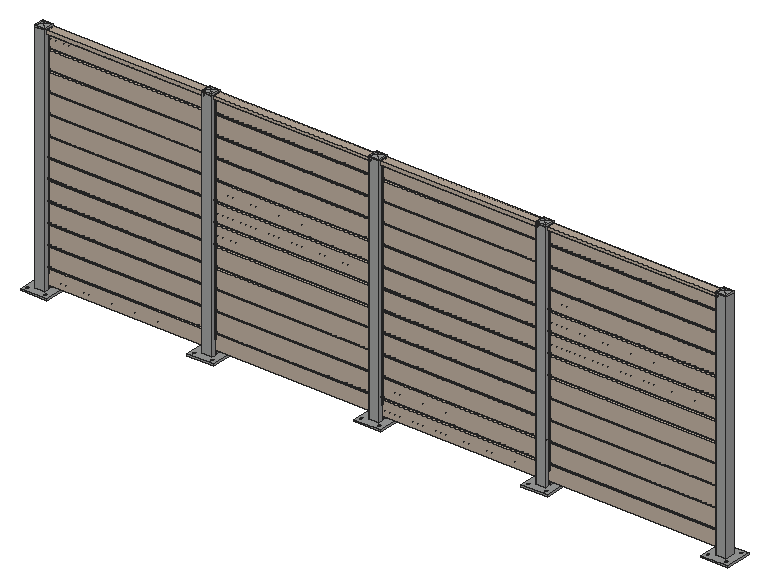
Revit family "Palmshield-Mercury-Solid-Aluminum-Array", category Specialty Equipment, Revit 2026
Family settings
  Round Connector Dimension = Use Diameter
  Part Type = Normal
  Classification Number = 23.55.00.00
  Enable Cutting in Views = No
  Cut with Voids When Loaded = No
  Maintain Annotation Orientation = No
  Shared = No
  Room Calculation Point = No
Parameters (values of type "Assembly")
  Warranty URL = "https://palmshieldlouvers.com/wp-content/uploads/2020/01/PalmSHIELD-Warranty-NO-SIGN-LINE.pdf"
  Version = "2020 - v1.0a"  # constant formula
  URL = "https://palmshieldlouvers.com/"
  Type Comments = ""
  Right Post UP [instance] = yes
  Right Post Position [instance] = 3
  Right Post Description [instance] = if(Right Post Position = 1, "Middle Post", if(Right Post Position = 2, "Corner Post", if(Right Post Position = 3, "End Post", "Not a Valid Option")))  # "End Post"
  Right Post DOWN [instance] = not(Right Post UP)  # no
  Left Post UP [instance] = yes
  Left Post Position [instance] = 3
  Left Post DOWN [instance] = not(Left Post UP)  # no
  C Left Post Position [instance] = if(and(Left Post UP, Left Post Position = 2), 3, if(and(Left Post DOWN, Left Post Position = 2), 4, if(Left Post Position = 3, 2, Left Post Position)))  # 2
  Left Post Description [instance] = if(Left Post Position = 1, "Middle Post", if(Left Post Position = 2, "Corner Post", if(Left Post Position = 3, "End Post", "Not a Valid Option")))  # "End Post"
  Left Post [instance] = yes
  Product Page URL = "https://palmshieldlouvers.com/products/augustus-solid/"
  Product Documentation Link = "https://palmshieldlouvers.com/wp-content/uploads/2020/05/PalmSHIELD-Solid-Composite-Technical-Data-Sheet.pdf"
  Post Finish = Metal - PalmSHIELD - Dusty Grey
  Panel Width [instance] = if(Desired Panel Width > C Max Panel Width, C Max Panel Width, if(Desired Panel Width < C Min Panel Width, C Min Panel Width, Desired Panel Width))  # 4' - 0"
  Panel Height [instance] = if(Desired Panel Height > C Max Panel Height, C Max Panel Height, if(Desired Panel Height < C Min Panel Height, C Min Panel Height, Desired Panel Height))  # 6' - 0"
  Model = "Augustus - Aluminum"  # constant formula
  Manufacturer Phone Number = "531-329-4406 "  # constant formula
  Manufacturer Email = "mailto: info@palmshieldlouvers.com"
  Manufacturer Address = "12330 Cary Circle, La Vista, NE 68128"  # constant formula
  Manufacturer = "PalmSHIELD"  # constant formula
  Louver Finsh = Metal - PalmSHIELD - Grey Beige
  Keynote = "05 10 00"
  Instruction Sheet Link = "https://palmshieldlouvers.com/wp-content/uploads/2020/01/PalmSHIELD-Post-Panel-Gate-Installation-Instructions-REV-1.pdf"
  ID [instance] = "Not Assigned"
  Frame Finish = Metal - PalmSHIELD - Dusty Grey
  Filler Panel [instance] = yes
  C Right Post Position [instance] = if(and(Right Post UP, Right Post Position = 2), 3, if(and(Right Post DOWN, Right Post Position = 2), 4, if(Right Post Position = 3, 2, Right Post Position)))  # 2
  Right Post [instance] = yes
  Desired Panel Width [instance] = 4' - 0"
  Desired Panel Height [instance] = 6' - 0"
  Real Length [instance] = if(system length 1 < (C Post Width + C Min Panel Width), (C Post Width + C Min Panel Width), system length 1)  # 17' - 4"
  Description = "Augustus - Aluminum - Panel Assembly"  # constant formula
  system length 1 [instance] = 17' - 4"
  Copyright = "Copyright ©2024 The American Fence Company and PalmSHIELD. All Rights Reserved."  # constant formula
  Component Name [instance] = "Augustus - Aluminum - Panel Assembly"  # constant formula
  C Single Post [instance] = if(C Condition Double, 1 = 1, if(and(Right Post, C Condition Single), 1 = 1, 1 = 0))  # no
  C Single Panel [instance] = or(C Condition Double, C Condition Single)  # no
  C Post Width [instance] = 0' - 3"  # constant formula
  C Multiple Post [instance] = (C Condition Multiple)  # yes
  C Multiple Panels [instance] = (C Condition Multiple)  # yes
  C Min Panel Width [instance] = 4' - 0"  # constant formula
  C Min Panel Height [instance] = C Min Panel Width  # 4' - 0"
  C Max Panel Width [instance] = 6' - 0"  # constant formula
  C Max Panel Height [instance] = 8' - 0"  # constant formula
  C Filler Post [instance] = and(not(C Condition Single), Filler Panel, Right Post, or(C Filler Panel Width = C Min Panel Width, C Filler Panel Width > C Min Panel Width))  # yes
  C Filler Panel Width Calculated [instance] = Real Length - C Calculated Total Length - Panel Width - C Post Width  # 4' - 4"
  C Filler Panel Width [instance] = if(C Filler Panel Width Calculated < C Min Panel Width, C Min Panel Width, if(C Filler Panel Width Calculated > C Max Panel Width, C Max Panel Width, C Filler Panel Width Calculated))  # 4' - 4"
  C Filler Panel [instance] = and(not(C Condition Single), Filler Panel, or(C Filler Panel Width = C Min Panel Width, C Filler Panel Width > C Min Panel Width))  # yes
  C Condition Single [instance] = C Array Count < 1  # no
  C Condition Multiple [instance] = C Array Count > 1  # yes
  C Condition Double [instance] = C Array Count = 1  # no
  C Complete Post [instance] = and(not(C Condition Single), not(Filler Panel), Right Post)  # no
  C Complete Panel [instance] = and(not(C Condition Single), not(Filler Panel))  # no
  C Calculated Total Length [instance] = if(C Array Count < 1, 0' 0", if(C Array Count = 1, C Post Width, Panel Width * (C Array Safe - 1) + C Post Width * (C Array Safe)))  # 8' - 9"
  C Calculated Filler Panel Length [instance] = if(C Array Count < 1, 0' 0", if(or(C Array Count = 2, C Array Count = 1), C Post Width, if(Filler Panel, (C Calculated Total Length - C Post Width - C Filler Panel Width), (C Calculated Total Length - C Post Width - Panel Width))))  # 4' - 2"
  C Array Safe [instance] = if(C Array Count < 2, 2, C Array Count)  # 3
  C Array Count [instance] = if(Filler Panel, roundup(((Real Length - C Min Panel Width) / (Panel Width + C Post Width)) - 1), roundup(((Real Length - (Panel Width)) / (Panel Width + C Post Width)) - 1))  # 3
  Assembly Code = "F1020100"
Reference planes (in)
  plane 1 "Center (Front/Back)": y = 0
  plane 2: z = 0
  plane 3 "Left": x = 0
  plane 4 "Right": x = 208
  plane 5 "Top": z = 72
  plane 6: x = 48
  plane 7: x = 51
  plane 8: x = 99
  plane 9: x = 102
  plane 10: x = -3
  plane 11: x = 153
  plane 12: x = 47
  plane 13: x = 205
  plane 14: x = 201
  plane 15: x = -1.5
  plane 16: x = 208
  plane 17: x = 206.5
  plane 18: x = 202.5
  plane 19: x = 204
  plane 20: x = 49.5
  plane 21: x = 100.5
  plane 22: y = -1.5
  plane 23: y = 1.5
Lines and regions (in)
  reference lines
    curve 1: line (0, 0, 0) -> (208, 0, 0)
Dimensions and locks (in)
  "system length 1": plane 3 "Left" to plane 4 "Right"
  "Panel Width": plane 6 to plane 3 "Left"
  "C Post Width": plane 7 to plane 6
  "Panel Width": plane 8 to plane 7
  "C Post Width": plane 9 to plane 8
  "C Post Width": plane 3 "Left" to plane 10
  "C Calculated Filler Panel Length": plane 12 to plane 10
  "C Filler Panel Width": plane 13 to plane 11
  "Panel Width": plane 14 to plane 11
  "C Calculated Total Length": plane 11 to plane 6
  equal spacing: plane 10, plane 15, plane 3 "Left"
  equal spacing: plane 16, plane 17, plane 13
  "C Post Width": plane 16 to plane 13
  equal spacing: plane 19, plane 18, plane 14
  "C Post Width": plane 19 to plane 14
  equal spacing: plane 9, plane 21, plane 8
  equal spacing: plane 7, plane 20, plane 6
  equal spacing: plane 22, plane 1 "Center (Front/Back)", plane 23
  "C Post Width": plane 22 to plane 23
  "Panel Height": plane 5 "Top" to level
  equal spacing: group 1, group 2, group 3  (x3)
  equal spacing: group 4, group 5, group 6  (x3)
  aligned and locked: plane 4 "Right" to curve 1
  aligned and locked: plane 1 "Center (Front/Back)" to curve 1
  aligned and locked: plane 3 "Left" to curve 1
  aligned and locked: level to plane 2
  aligned and locked: plane 3 "Left" to nested 1
  aligned and locked: nested 3 to plane 14
  aligned and locked: plane 1 "Center (Front/Back)" to nested 5
  aligned and locked: plane 1 "Center (Front/Back)" to nested 4
  aligned and locked: plane 1 "Center (Front/Back)" to nested 7
  aligned and locked: plane 17 to nested 5
  aligned and locked: plane 18 to nested 4
  aligned and locked: plane 20 to nested 7
  aligned and locked: plane 15 to nested 8
  aligned and locked: nested 8 to plane 1 "Center (Front/Back)"
  aligned and locked: plane 1 "Center (Front/Back)" to nested 6
  aligned and locked: plane 3 "Left" to nested 6
  aligned and locked: plane 11 to nested 2
  aligned and locked: plane 1 "Center (Front/Back)" to nested 2
  aligned and locked: plane 7 to nested 11
  aligned and locked: plane 1 "Center (Front/Back)" to nested 11
  aligned and locked: plane 1 "Center (Front/Back)" to nested 1
  aligned and locked: plane 1 "Center (Front/Back)" to nested 3
  aligned and locked: nested 69 to plane 1 "Center (Front/Back)"
  aligned and locked: plane 20 to nested 69
  aligned and locked: nested 73 to plane 1 "Center (Front/Back)"
  aligned and locked: plane 21 to nested 73
Nested families (in)
  nested 1: "Screening-Louver-Assembly-Panel-Palmshield-Mercury_Economic-Solid-Aluminum" at (0, 0, 0), Desired Overall Height <- "Panel Height", Desired Overall Width <- "Panel Width", visible <- "C Single Panel", Component Vis <- "C Single Panel", ID <- "ID", type ""
    with Width 4' - 0", ID "Not Assigned", Height 6' - 0", Desired Overall Width 4' - 0", Desired Overall Height 6' - 0", Desired Bottom Angle 0.00°, Component Vis no, Component Name "Mercury Economic Solid - Aluminum - Panel Assembly", C Min Width 4' - 0", C Min Height 4' - 0", C Max Width 6' - 0", C Max Height 8' - 0", C Angle 0.00°
  nested 2: "Screening-Louver-Assembly-Panel-Palmshield-Mercury_Economic-Solid-Aluminum" at (153, 0, 0), Desired Overall Height <- "Panel Height", Desired Overall Width <- "C Filler Panel Width", visible <- "C Filler Panel", Component Vis <- "C Filler Panel", ID <- "ID", type ""
    with Width 4' - 4", ID "Not Assigned", Height 6' - 0", Desired Overall Width 4' - 4", Desired Overall Height 6' - 0", Desired Bottom Angle 0.00°, Component Vis yes, Component Name "Mercury Economic Solid - Aluminum - Panel Assembly", C Min Width 4' - 0", C Min Height 4' - 0", C Max Width 6' - 0", C Max Height 8' - 0", C Angle 0.00°
  nested 3: "Screening-Louver-Assembly-Panel-Palmshield-Mercury_Economic-Solid-Aluminum" at (153, 0, 0), Desired Overall Height <- "Panel Height", Desired Overall Width <- "Panel Width", visible <- "C Complete Panel", Component Vis <- "C Complete Panel", ID <- "ID", type ""
    with Width 4' - 0", ID "Not Assigned", Height 6' - 0", Desired Overall Width 4' - 0", Desired Overall Height 6' - 0", Desired Bottom Angle 0.00°, Component Vis no, Component Name "Mercury Economic Solid - Aluminum - Panel Assembly", C Min Width 4' - 0", C Min Height 4' - 0", C Max Width 6' - 0", C Max Height 8' - 0", C Angle 0.00°
  nested 4: "Screening-Louver-Assembly-Post-Palmshield-Mercury_Economic-Solid" at (202.5, 0, 0), Desired Overall Height <- "Panel Height", visible <- "C Complete Post", Component Vis <- "C Complete Post", ID <- "ID", type ""
    with Post Position 1, ID "Not Assigned", Height 6' - 0", Desired Overall Height 6' - 0", Component Vis no, Component Name "Mercury Economic Solid - Aluminum - Square Post", C Min Height 3' - 4", C Max Height 8' - 0"
  nested 5: "Screening-Louver-Assembly-Post-Palmshield-Mercury_Economic-Solid" at (206.5, 0, 0), Desired Overall Height <- "Panel Height", visible <- "C Filler Post", Component Vis <- "C Filler Post", ID <- "ID", Post Position <- "C Right Post Position", type ""
    with Post Position 2, ID "Not Assigned", Height 6' - 0", Desired Overall Height 6' - 0", Component Vis yes, Component Name "Mercury Economic Solid - Aluminum - Square Post", C Min Height 3' - 4", C Max Height 8' - 0"
  nested 6: "Screening-Louver-Assembly-Panel-Palmshield-Mercury_Economic-Solid-Aluminum" at (0, 0, 0), Desired Overall Height <- "Panel Height", Desired Overall Width <- "Panel Width", visible <- "C Multiple Panels", Component Vis <- "C Multiple Panels", ID <- "ID", type "Assembly"
    with Width 4' - 0", ID "Not Assigned", Height 6' - 0", Desired Overall Width 4' - 0", Desired Overall Height 6' - 0", Desired Bottom Angle 0.00°, Component Vis yes, Component Name "Mercury Economic Solid - Aluminum - Panel Assembly", C Min Width 4' - 0", C Min Height 4' - 0", C Max Width 6' - 0", C Max Height 8' - 0", C Angle 0.00°
  nested 7: "Screening-Louver-Assembly-Post-Palmshield-Mercury_Economic-Solid" at (49.5, 0, 0), Desired Overall Height <- "Panel Height", visible <- "C Single Post", Component Vis <- "C Single Post", ID <- "ID", type ""
    with Post Position 1, ID "Not Assigned", Height 6' - 0", Desired Overall Height 6' - 0", Component Vis no, Component Name "Mercury Economic Solid - Aluminum - Square Post", C Min Height 3' - 4", C Max Height 8' - 0"
  nested 8: "Screening-Louver-Assembly-Post-Palmshield-Mercury_Economic-Solid" at (-1.5, 0, 0) x (-1, 0, 0) z (0, 0, 1), Desired Overall Height <- "Panel Height", visible <- "Left Post", Component Vis <- "Left Post", ID <- "ID", type ""
    with Post Position 1, ID "Not Assigned", Height 6' - 0", Desired Overall Height 6' - 0", Component Vis yes, Component Name "Mercury Economic Solid - Aluminum - Square Post", C Min Height 3' - 4", C Max Height 8' - 0"
  nested 9: "Nested-Base_Plate-Palmshield-Mercury_Economic-Solid-Vinyl" at (-1.5, 0, 0) x (-1, 0, 0) z (0, 0, 1), type ""
    with Material Metal - PalmSHIELD - Dusty Grey, ID "Not Assigned", Component Name "Mercury Economic Solid - Aluminum - Base Plate"
  nested 10: "Nested-Top_Cap-Palmshield-Mercury_Economic-Solid-Vinyl" at (-1.5, 0, 72) x (-1, 0, 0) z (0, 0, 1), type ""
    with Material Metal - PalmSHIELD - Dusty Grey, ID "Not Assigned", Component Name "Mercury Economic Solid - Aluminum - Top Cap"
  nested 11: "Screening-Louver-Assembly-Panel-Palmshield-Mercury_Economic-Solid-Aluminum" at (51, 0, 0), Desired Overall Height <- "Panel Height", Desired Overall Width <- "Panel Width", visible <- "C Multiple Panels", Component Vis <- "C Multiple Panels", ID <- "ID", type "Assembly"
    with Width 4' - 0", ID "Not Assigned", Height 6' - 0", Desired Overall Width 4' - 0", Desired Overall Height 6' - 0", Desired Bottom Angle 0.00°, Component Vis yes, Component Name "Mercury Economic Solid - Aluminum - Panel Assembly", C Min Width 4' - 0", C Min Height 4' - 0", C Max Width 6' - 0", C Max Height 8' - 0", C Angle 0.00°
  nested 12: "Nested-Louvers-Palmshield-Mercury_Economic-Solid-Aluminum" at (50.5, 0, 6.625) x (0, 1, 0) z (1, 0, 0), type ""
    with Material Metal - PalmSHIELD - Grey Beige, Length 4' - 1", ID "Not Assigned", Field Cut no, Desired Cut Distance 0' - 1 3/4", Component Name "Mercury Economic Solid - Aluminum - Louvers", C Cut Distance 0' - 0 3/4"
  nested 13: "Nested-Louvers-Palmshield-Mercury_Economic-Solid-Aluminum" at (50.5, 0, 36.625) x (0, 1, 0) z (1, 0, 0), type ""
    with Material Metal - PalmSHIELD - Grey Beige, Length 4' - 1", ID "Not Assigned", Field Cut no, Desired Cut Distance 0' - 1 3/4", Component Name "Mercury Economic Solid - Aluminum - Louvers", C Cut Distance 0' - 0 3/4"
  nested 14: "Nested-Louvers-Palmshield-Mercury_Economic-Solid-Aluminum" at (50.5, 0, 42.625) x (0, 1, 0) z (1, 0, 0), type ""
    with Material Metal - PalmSHIELD - Grey Beige, Length 4' - 1", ID "Not Assigned", Field Cut no, Desired Cut Distance 0' - 1 3/4", Component Name "Mercury Economic Solid - Aluminum - Louvers", C Cut Distance 0' - 0 3/4"
  nested 15: "Nested-Louvers-Palmshield-Mercury_Economic-Solid-Aluminum" at (50.5, 0, 48.625) x (0, 1, 0) z (1, 0, 0), type ""
    with Material Metal - PalmSHIELD - Grey Beige, Length 4' - 1", ID "Not Assigned", Field Cut no, Desired Cut Distance 0' - 1 3/4", Component Name "Mercury Economic Solid - Aluminum - Louvers", C Cut Distance 0' - 0 3/4"
  nested 16: "Nested-Louvers-Palmshield-Mercury_Economic-Solid-Aluminum" at (50.5, 0, 54.625) x (0, 1, 0) z (1, 0, 0), type ""
    with Material Metal - PalmSHIELD - Grey Beige, Length 4' - 1", ID "Not Assigned", Field Cut no, Desired Cut Distance 0' - 1 3/4", Component Name "Mercury Economic Solid - Aluminum - Louvers", C Cut Distance 0' - 0 3/4"
  nested 17: "Nested-Louvers-Palmshield-Mercury_Economic-Solid-Aluminum" at (50.5, 0, 60.625) x (0, 1, 0) z (1, 0, 0), type ""
    with Material Metal - PalmSHIELD - Grey Beige, Length 4' - 1", ID "Not Assigned", Field Cut no, Desired Cut Distance 0' - 1 3/4", Component Name "Mercury Economic Solid - Aluminum - Louvers", C Cut Distance 0' - 0 3/4"
  nested 18: "Nested-U_Channel-Palmshield-Mercury_Economic-Solid-Aluminum" at (50.5, 0, 72) x (0, 1, 0) z (1, 0, 0), type ""
    with Material Metal - PalmSHIELD - Grey Beige, Length 4' - 1", ID "Not Assigned", Component Name "Mercury Economic Solid - Aluminum - U Channel"
  nested 19: "Nested-Louvers-Palmshield-Mercury_Economic-Solid-Aluminum" at (50.5, 0, 66.625) x (0, 1, 0) z (1, 0, 0), type ""
    with Material Metal - PalmSHIELD - Grey Beige, Length 4' - 1", ID "Not Assigned", Field Cut yes, Desired Cut Distance 0' - 2 5/8", Component Name "Mercury Economic Solid - Aluminum - Louvers", C Cut Distance 0' - 2 5/8"
  nested 20: "Nested-Louvers-Palmshield-Mercury_Economic-Solid-Aluminum" at (50.5, 0, 6.625) x (0, -1, 0) z (1, 0, 0), type ""
    with Material Metal - PalmSHIELD - Grey Beige, Length 4' - 1", ID "Not Assigned", Field Cut yes, Desired Cut Distance 0' - 2 3/8", Component Name "Mercury Economic Solid - Aluminum - Louvers", C Cut Distance 0' - 2 3/8"
  nested 21: "Nested-Louvers-Palmshield-Mercury_Economic-Solid-Aluminum" at (-0.5, 0, 6.625) x (0, 1, 0) z (1, 0, 0), type ""
    with Material Metal - PalmSHIELD - Grey Beige, Length 4' - 1", ID "Not Assigned", Field Cut no, Desired Cut Distance 0' - 1 3/4", Component Name "Mercury Economic Solid - Aluminum - Louvers", C Cut Distance 0' - 0 3/4"
  nested 22: "Nested-Louvers-Palmshield-Mercury_Economic-Solid-Aluminum" at (-0.5, 0, 36.625) x (0, 1, 0) z (1, 0, 0), type ""
    with Material Metal - PalmSHIELD - Grey Beige, Length 4' - 1", ID "Not Assigned", Field Cut no, Desired Cut Distance 0' - 1 3/4", Component Name "Mercury Economic Solid - Aluminum - Louvers", C Cut Distance 0' - 0 3/4"
  nested 23: "Nested-Louvers-Palmshield-Mercury_Economic-Solid-Aluminum" at (-0.5, 0, 42.625) x (0, 1, 0) z (1, 0, 0), type ""
    with Material Metal - PalmSHIELD - Grey Beige, Length 4' - 1", ID "Not Assigned", Field Cut no, Desired Cut Distance 0' - 1 3/4", Component Name "Mercury Economic Solid - Aluminum - Louvers", C Cut Distance 0' - 0 3/4"
  nested 24: "Nested-Louvers-Palmshield-Mercury_Economic-Solid-Aluminum" at (-0.5, 0, 48.625) x (0, 1, 0) z (1, 0, 0), type ""
    with Material Metal - PalmSHIELD - Grey Beige, Length 4' - 1", ID "Not Assigned", Field Cut no, Desired Cut Distance 0' - 1 3/4", Component Name "Mercury Economic Solid - Aluminum - Louvers", C Cut Distance 0' - 0 3/4"
  nested 25: "Nested-Louvers-Palmshield-Mercury_Economic-Solid-Aluminum" at (-0.5, 0, 54.625) x (0, 1, 0) z (1, 0, 0), type ""
    with Material Metal - PalmSHIELD - Grey Beige, Length 4' - 1", ID "Not Assigned", Field Cut no, Desired Cut Distance 0' - 1 3/4", Component Name "Mercury Economic Solid - Aluminum - Louvers", C Cut Distance 0' - 0 3/4"
  nested 26: "Nested-Louvers-Palmshield-Mercury_Economic-Solid-Aluminum" at (-0.5, 0, 60.625) x (0, 1, 0) z (1, 0, 0), type ""
    with Material Metal - PalmSHIELD - Grey Beige, Length 4' - 1", ID "Not Assigned", Field Cut no, Desired Cut Distance 0' - 1 3/4", Component Name "Mercury Economic Solid - Aluminum - Louvers", C Cut Distance 0' - 0 3/4"
  nested 27: "Nested-U_Channel-Palmshield-Mercury_Economic-Solid-Aluminum" at (-0.5, 0, 72) x (0, 1, 0) z (1, 0, 0), type ""
    with Material Metal - PalmSHIELD - Grey Beige, Length 4' - 1", ID "Not Assigned", Component Name "Mercury Economic Solid - Aluminum - U Channel"
  nested 28: "Nested-Louvers-Palmshield-Mercury_Economic-Solid-Aluminum" at (-0.5, 0, 66.625) x (0, 1, 0) z (1, 0, 0), type ""
    with Material Metal - PalmSHIELD - Grey Beige, Length 4' - 1", ID "Not Assigned", Field Cut yes, Desired Cut Distance 0' - 2 5/8", Component Name "Mercury Economic Solid - Aluminum - Louvers", C Cut Distance 0' - 2 5/8"
  nested 29: "Nested-Louvers-Palmshield-Mercury_Economic-Solid-Aluminum" at (-0.5, 0, 6.625) x (0, -1, 0) z (1, 0, 0), type ""
    with Material Metal - PalmSHIELD - Grey Beige, Length 4' - 1", ID "Not Assigned", Field Cut yes, Desired Cut Distance 0' - 2 3/8", Component Name "Mercury Economic Solid - Aluminum - Louvers", C Cut Distance 0' - 2 3/8"
  nested 30: "Nested-Louvers-Palmshield-Mercury_Economic-Solid-Aluminum" at (152.5, 0, 6.625) x (0, 1, 0) z (1, 0, 0), type ""
    with Material Metal - PalmSHIELD - Grey Beige, Length 4' - 5", ID "Not Assigned", Field Cut no, Desired Cut Distance 0' - 1 3/4", Component Name "Mercury Economic Solid - Aluminum - Louvers", C Cut Distance 0' - 0 3/4"
  nested 31: "Nested-Louvers-Palmshield-Mercury_Economic-Solid-Aluminum" at (152.5, 0, 36.625) x (0, 1, 0) z (1, 0, 0), type ""
    with Material Metal - PalmSHIELD - Grey Beige, Length 4' - 5", ID "Not Assigned", Field Cut no, Desired Cut Distance 0' - 1 3/4", Component Name "Mercury Economic Solid - Aluminum - Louvers", C Cut Distance 0' - 0 3/4"
  nested 32: "Nested-Louvers-Palmshield-Mercury_Economic-Solid-Aluminum" at (152.5, 0, 42.625) x (0, 1, 0) z (1, 0, 0), type ""
    with Material Metal - PalmSHIELD - Grey Beige, Length 4' - 5", ID "Not Assigned", Field Cut no, Desired Cut Distance 0' - 1 3/4", Component Name "Mercury Economic Solid - Aluminum - Louvers", C Cut Distance 0' - 0 3/4"
  nested 33: "Nested-Louvers-Palmshield-Mercury_Economic-Solid-Aluminum" at (152.5, 0, 48.625) x (0, 1, 0) z (1, 0, 0), type ""
    with Material Metal - PalmSHIELD - Grey Beige, Length 4' - 5", ID "Not Assigned", Field Cut no, Desired Cut Distance 0' - 1 3/4", Component Name "Mercury Economic Solid - Aluminum - Louvers", C Cut Distance 0' - 0 3/4"
  nested 34: "Nested-Louvers-Palmshield-Mercury_Economic-Solid-Aluminum" at (152.5, 0, 54.625) x (0, 1, 0) z (1, 0, 0), type ""
    with Material Metal - PalmSHIELD - Grey Beige, Length 4' - 5", ID "Not Assigned", Field Cut no, Desired Cut Distance 0' - 1 3/4", Component Name "Mercury Economic Solid - Aluminum - Louvers", C Cut Distance 0' - 0 3/4"
  nested 35: "Nested-Louvers-Palmshield-Mercury_Economic-Solid-Aluminum" at (152.5, 0, 60.625) x (0, 1, 0) z (1, 0, 0), type ""
    with Material Metal - PalmSHIELD - Grey Beige, Length 4' - 5", ID "Not Assigned", Field Cut no, Desired Cut Distance 0' - 1 3/4", Component Name "Mercury Economic Solid - Aluminum - Louvers", C Cut Distance 0' - 0 3/4"
  nested 36: "Nested-U_Channel-Palmshield-Mercury_Economic-Solid-Aluminum" at (152.5, 0, 72) x (0, 1, 0) z (1, 0, 0), type ""
    with Material Metal - PalmSHIELD - Grey Beige, Length 4' - 5", ID "Not Assigned", Component Name "Mercury Economic Solid - Aluminum - U Channel"
  nested 37: "Nested-Louvers-Palmshield-Mercury_Economic-Solid-Aluminum" at (152.5, 0, 66.625) x (0, 1, 0) z (1, 0, 0), type ""
    with Material Metal - PalmSHIELD - Grey Beige, Length 4' - 5", ID "Not Assigned", Field Cut yes, Desired Cut Distance 0' - 2 5/8", Component Name "Mercury Economic Solid - Aluminum - Louvers", C Cut Distance 0' - 2 5/8"
  nested 38: "Nested-Louvers-Palmshield-Mercury_Economic-Solid-Aluminum" at (152.5, 0, 6.625) x (0, -1, 0) z (1, 0, 0), type ""
    with Material Metal - PalmSHIELD - Grey Beige, Length 4' - 5", ID "Not Assigned", Field Cut yes, Desired Cut Distance 0' - 2 3/8", Component Name "Mercury Economic Solid - Aluminum - Louvers", C Cut Distance 0' - 2 3/8"
  nested 39: "Nested-Base_Plate-Palmshield-Mercury_Economic-Solid-Vinyl" at (206.5, 0, 0), type ""
    with Material Metal - PalmSHIELD - Dusty Grey, ID "Not Assigned", Component Name "Mercury Economic Solid - Aluminum - Base Plate"
  nested 40: "Nested-Top_Cap-Palmshield-Mercury_Economic-Solid-Vinyl" at (206.5, 0, 72), type ""
    with Material Metal - PalmSHIELD - Dusty Grey, ID "Not Assigned", Component Name "Mercury Economic Solid - Aluminum - Top Cap"
  nested 41: "Screening-Louver-Assembly-Panel-Palmshield-Mercury_Economic-Solid-Aluminum" at (102, 0, 0), Desired Overall Height <- "Panel Height", Desired Overall Width <- "Panel Width", visible <- "C Multiple Panels", Component Vis <- "C Multiple Panels", ID <- "ID", type "Assembly"
    with Width 4' - 0", ID "Not Assigned", Height 6' - 0", Desired Overall Width 4' - 0", Desired Overall Height 6' - 0", Desired Bottom Angle 0.00°, Component Vis yes, Component Name "Mercury Economic Solid - Aluminum - Panel Assembly", C Min Width 4' - 0", C Min Height 4' - 0", C Max Width 6' - 0", C Max Height 8' - 0", C Angle 0.00°
  nested 42: "Nested-Louvers-Palmshield-Mercury_Economic-Solid-Aluminum" at (101.5, 0, 6.625) x (0, 1, 0) z (1, 0, 0), type ""
    with Material Metal - PalmSHIELD - Grey Beige, Length 4' - 1", ID "Not Assigned", Field Cut no, Desired Cut Distance 0' - 1 3/4", Component Name "Mercury Economic Solid - Aluminum - Louvers", C Cut Distance 0' - 0 3/4"
  nested 43: "Nested-Louvers-Palmshield-Mercury_Economic-Solid-Aluminum" at (101.5, 0, 36.625) x (0, 1, 0) z (1, 0, 0), type ""
    with Material Metal - PalmSHIELD - Grey Beige, Length 4' - 1", ID "Not Assigned", Field Cut no, Desired Cut Distance 0' - 1 3/4", Component Name "Mercury Economic Solid - Aluminum - Louvers", C Cut Distance 0' - 0 3/4"
  nested 44: "Nested-Louvers-Palmshield-Mercury_Economic-Solid-Aluminum" at (101.5, 0, 42.625) x (0, 1, 0) z (1, 0, 0), type ""
    with Material Metal - PalmSHIELD - Grey Beige, Length 4' - 1", ID "Not Assigned", Field Cut no, Desired Cut Distance 0' - 1 3/4", Component Name "Mercury Economic Solid - Aluminum - Louvers", C Cut Distance 0' - 0 3/4"
  nested 45: "Nested-Louvers-Palmshield-Mercury_Economic-Solid-Aluminum" at (101.5, 0, 48.625) x (0, 1, 0) z (1, 0, 0), type ""
    with Material Metal - PalmSHIELD - Grey Beige, Length 4' - 1", ID "Not Assigned", Field Cut no, Desired Cut Distance 0' - 1 3/4", Component Name "Mercury Economic Solid - Aluminum - Louvers", C Cut Distance 0' - 0 3/4"
  nested 46: "Nested-Louvers-Palmshield-Mercury_Economic-Solid-Aluminum" at (101.5, 0, 54.625) x (0, 1, 0) z (1, 0, 0), type ""
    with Material Metal - PalmSHIELD - Grey Beige, Length 4' - 1", ID "Not Assigned", Field Cut no, Desired Cut Distance 0' - 1 3/4", Component Name "Mercury Economic Solid - Aluminum - Louvers", C Cut Distance 0' - 0 3/4"
  nested 47: "Nested-Louvers-Palmshield-Mercury_Economic-Solid-Aluminum" at (101.5, 0, 60.625) x (0, 1, 0) z (1, 0, 0), type ""
    with Material Metal - PalmSHIELD - Grey Beige, Length 4' - 1", ID "Not Assigned", Field Cut no, Desired Cut Distance 0' - 1 3/4", Component Name "Mercury Economic Solid - Aluminum - Louvers", C Cut Distance 0' - 0 3/4"
  nested 48: "Nested-U_Channel-Palmshield-Mercury_Economic-Solid-Aluminum" at (101.5, 0, 72) x (0, 1, 0) z (1, 0, 0), type ""
    with Material Metal - PalmSHIELD - Grey Beige, Length 4' - 1", ID "Not Assigned", Component Name "Mercury Economic Solid - Aluminum - U Channel"
  nested 49: "Nested-Louvers-Palmshield-Mercury_Economic-Solid-Aluminum" at (101.5, 0, 66.625) x (0, 1, 0) z (1, 0, 0), type ""
    with Material Metal - PalmSHIELD - Grey Beige, Length 4' - 1", ID "Not Assigned", Field Cut yes, Desired Cut Distance 0' - 2 5/8", Component Name "Mercury Economic Solid - Aluminum - Louvers", C Cut Distance 0' - 2 5/8"
  nested 50: "Nested-Louvers-Palmshield-Mercury_Economic-Solid-Aluminum" at (101.5, 0, 6.625) x (0, -1, 0) z (1, 0, 0), type ""
    with Material Metal - PalmSHIELD - Grey Beige, Length 4' - 1", ID "Not Assigned", Field Cut yes, Desired Cut Distance 0' - 2 3/8", Component Name "Mercury Economic Solid - Aluminum - Louvers", C Cut Distance 0' - 2 3/8"
  nested 51: "Nested-Square_Post-Palmshield-Mercury_Economic-Solid-Vinyl" at (206.5, 0, 0.5), type ""
    with Post Position 2, Middle Post no, Material Metal - PalmSHIELD - Dusty Grey, Length 5' - 11 1/2", ID "", End Post yes, Corner Post Up no, Corner Post Down no, Component Name "Mercury Economic Solid - Aluminum - Post"
  nested 52: "Nested-Square_Post-Palmshield-Mercury_Economic-Solid-Vinyl" at (-1.5, 0, 0.5) x (-1, 0, 0) z (0, 0, 1), type ""
    with Post Position 1, Middle Post yes, Material Metal - PalmSHIELD - Dusty Grey, Length 5' - 11 1/2", ID "", End Post no, Corner Post Up no, Corner Post Down no, Component Name "Mercury Economic Solid - Aluminum - Post"
  nested 53: "Nested-Louvers-Palmshield-Mercury_Economic-Solid-Aluminum" at (152.5, 0, 12.625) x (0, 1, 0) z (1, 0, 0), type ""
    with Material Metal - PalmSHIELD - Grey Beige, Length 4' - 5", ID "Not Assigned", Field Cut no, Desired Cut Distance 0' - 1 3/4", Component Name "Mercury Economic Solid - Aluminum - Louvers", C Cut Distance 0' - 0 3/4"
  nested 54: "Nested-Louvers-Palmshield-Mercury_Economic-Solid-Aluminum" at (152.5, 0, 18.625) x (0, 1, 0) z (1, 0, 0), type ""
    with Material Metal - PalmSHIELD - Grey Beige, Length 4' - 5", ID "Not Assigned", Field Cut no, Desired Cut Distance 0' - 1 3/4", Component Name "Mercury Economic Solid - Aluminum - Louvers", C Cut Distance 0' - 0 3/4"
  nested 55: "Nested-Louvers-Palmshield-Mercury_Economic-Solid-Aluminum" at (152.5, 0, 24.625) x (0, 1, 0) z (1, 0, 0), type ""
    with Material Metal - PalmSHIELD - Grey Beige, Length 4' - 5", ID "Not Assigned", Field Cut no, Desired Cut Distance 0' - 1 3/4", Component Name "Mercury Economic Solid - Aluminum - Louvers", C Cut Distance 0' - 0 3/4"
  nested 56: "Nested-Louvers-Palmshield-Mercury_Economic-Solid-Aluminum" at (152.5, 0, 30.625) x (0, 1, 0) z (1, 0, 0), type ""
    with Material Metal - PalmSHIELD - Grey Beige, Length 4' - 5", ID "Not Assigned", Field Cut no, Desired Cut Distance 0' - 1 3/4", Component Name "Mercury Economic Solid - Aluminum - Louvers", C Cut Distance 0' - 0 3/4"
  nested 57: "Nested-Louvers-Palmshield-Mercury_Economic-Solid-Aluminum" at (-0.5, 0, 12.625) x (0, 1, 0) z (1, 0, 0), type ""
    with Material Metal - PalmSHIELD - Grey Beige, Length 4' - 1", ID "Not Assigned", Field Cut no, Desired Cut Distance 0' - 1 3/4", Component Name "Mercury Economic Solid - Aluminum - Louvers", C Cut Distance 0' - 0 3/4"
  nested 58: "Nested-Louvers-Palmshield-Mercury_Economic-Solid-Aluminum" at (-0.5, 0, 18.625) x (0, 1, 0) z (1, 0, 0), type ""
    with Material Metal - PalmSHIELD - Grey Beige, Length 4' - 1", ID "Not Assigned", Field Cut no, Desired Cut Distance 0' - 1 3/4", Component Name "Mercury Economic Solid - Aluminum - Louvers", C Cut Distance 0' - 0 3/4"
  nested 59: "Nested-Louvers-Palmshield-Mercury_Economic-Solid-Aluminum" at (-0.5, 0, 24.625) x (0, 1, 0) z (1, 0, 0), type ""
    with Material Metal - PalmSHIELD - Grey Beige, Length 4' - 1", ID "Not Assigned", Field Cut no, Desired Cut Distance 0' - 1 3/4", Component Name "Mercury Economic Solid - Aluminum - Louvers", C Cut Distance 0' - 0 3/4"
  nested 60: "Nested-Louvers-Palmshield-Mercury_Economic-Solid-Aluminum" at (-0.5, 0, 30.625) x (0, 1, 0) z (1, 0, 0), type ""
    with Material Metal - PalmSHIELD - Grey Beige, Length 4' - 1", ID "Not Assigned", Field Cut no, Desired Cut Distance 0' - 1 3/4", Component Name "Mercury Economic Solid - Aluminum - Louvers", C Cut Distance 0' - 0 3/4"
  nested 61: "Nested-Louvers-Palmshield-Mercury_Economic-Solid-Aluminum" at (50.5, 0, 12.625) x (0, 1, 0) z (1, 0, 0), type ""
    with Material Metal - PalmSHIELD - Grey Beige, Length 4' - 1", ID "Not Assigned", Field Cut no, Desired Cut Distance 0' - 1 3/4", Component Name "Mercury Economic Solid - Aluminum - Louvers", C Cut Distance 0' - 0 3/4"
  nested 62: "Nested-Louvers-Palmshield-Mercury_Economic-Solid-Aluminum" at (50.5, 0, 18.625) x (0, 1, 0) z (1, 0, 0), type ""
    with Material Metal - PalmSHIELD - Grey Beige, Length 4' - 1", ID "Not Assigned", Field Cut no, Desired Cut Distance 0' - 1 3/4", Component Name "Mercury Economic Solid - Aluminum - Louvers", C Cut Distance 0' - 0 3/4"
  nested 63: "Nested-Louvers-Palmshield-Mercury_Economic-Solid-Aluminum" at (50.5, 0, 24.625) x (0, 1, 0) z (1, 0, 0), type ""
    with Material Metal - PalmSHIELD - Grey Beige, Length 4' - 1", ID "Not Assigned", Field Cut no, Desired Cut Distance 0' - 1 3/4", Component Name "Mercury Economic Solid - Aluminum - Louvers", C Cut Distance 0' - 0 3/4"
  nested 64: "Nested-Louvers-Palmshield-Mercury_Economic-Solid-Aluminum" at (50.5, 0, 30.625) x (0, 1, 0) z (1, 0, 0), type ""
    with Material Metal - PalmSHIELD - Grey Beige, Length 4' - 1", ID "Not Assigned", Field Cut no, Desired Cut Distance 0' - 1 3/4", Component Name "Mercury Economic Solid - Aluminum - Louvers", C Cut Distance 0' - 0 3/4"
  nested 65: "Nested-Louvers-Palmshield-Mercury_Economic-Solid-Aluminum" at (101.5, 0, 12.625) x (0, 1, 0) z (1, 0, 0), type ""
    with Material Metal - PalmSHIELD - Grey Beige, Length 4' - 1", ID "Not Assigned", Field Cut no, Desired Cut Distance 0' - 1 3/4", Component Name "Mercury Economic Solid - Aluminum - Louvers", C Cut Distance 0' - 0 3/4"
  nested 66: "Nested-Louvers-Palmshield-Mercury_Economic-Solid-Aluminum" at (101.5, 0, 18.625) x (0, 1, 0) z (1, 0, 0), type ""
    with Material Metal - PalmSHIELD - Grey Beige, Length 4' - 1", ID "Not Assigned", Field Cut no, Desired Cut Distance 0' - 1 3/4", Component Name "Mercury Economic Solid - Aluminum - Louvers", C Cut Distance 0' - 0 3/4"
  nested 67: "Nested-Louvers-Palmshield-Mercury_Economic-Solid-Aluminum" at (101.5, 0, 24.625) x (0, 1, 0) z (1, 0, 0), type ""
    with Material Metal - PalmSHIELD - Grey Beige, Length 4' - 1", ID "Not Assigned", Field Cut no, Desired Cut Distance 0' - 1 3/4", Component Name "Mercury Economic Solid - Aluminum - Louvers", C Cut Distance 0' - 0 3/4"
  nested 68: "Nested-Louvers-Palmshield-Mercury_Economic-Solid-Aluminum" at (101.5, 0, 30.625) x (0, 1, 0) z (1, 0, 0), type ""
    with Material Metal - PalmSHIELD - Grey Beige, Length 4' - 1", ID "Not Assigned", Field Cut no, Desired Cut Distance 0' - 1 3/4", Component Name "Mercury Economic Solid - Aluminum - Louvers", C Cut Distance 0' - 0 3/4"
  nested 69: "Screening-Louver-Assembly-Post-Palmshield-Mercury_Economic-Solid" at (49.5, 0, 0) x (-1, 0, 0) z (0, 0, 1), Desired Overall Height <- "Panel Height", visible <- "Left Post", Component Vis <- "Left Post", ID <- "ID", type ""
    with Post Position 1, ID "Not Assigned", Height 6' - 0", Desired Overall Height 6' - 0", Component Vis yes, Component Name "Mercury Economic Solid - Aluminum - Square Post", C Min Height 3' - 4", C Max Height 8' - 0"
  nested 70: "Nested-Base_Plate-Palmshield-Mercury_Economic-Solid-Vinyl" at (49.5, 0, 0) x (-1, 0, 0) z (0, 0, 1), type ""
    with Material Metal - PalmSHIELD - Dusty Grey, ID "Not Assigned", Component Name "Mercury Economic Solid - Aluminum - Base Plate"
  nested 71: "Nested-Top_Cap-Palmshield-Mercury_Economic-Solid-Vinyl" at (49.5, 0, 72) x (-1, 0, 0) z (0, 0, 1), type ""
    with Material Metal - PalmSHIELD - Dusty Grey, ID "Not Assigned", Component Name "Mercury Economic Solid - Aluminum - Top Cap"
  nested 72: "Nested-Square_Post-Palmshield-Mercury_Economic-Solid-Vinyl" at (49.5, 0, 0.5) x (-1, 0, 0) z (0, 0, 1), type ""
    with Post Position 1, Middle Post yes, Material Metal - PalmSHIELD - Dusty Grey, Length 5' - 11 1/2", ID "", End Post no, Corner Post Up no, Corner Post Down no, Component Name "Mercury Economic Solid - Aluminum - Post"
  nested 73: "Screening-Louver-Assembly-Post-Palmshield-Mercury_Economic-Solid" at (100.5, 0, 0) x (-1, 0, 0) z (0, 0, 1), Desired Overall Height <- "Panel Height", visible <- "Left Post", Component Vis <- "Left Post", ID <- "ID", type ""
    with Post Position 1, ID "Not Assigned", Height 6' - 0", Desired Overall Height 6' - 0", Component Vis yes, Component Name "Mercury Economic Solid - Aluminum - Square Post", C Min Height 3' - 4", C Max Height 8' - 0"
  nested 74: "Nested-Base_Plate-Palmshield-Mercury_Economic-Solid-Vinyl" at (100.5, 0, 0) x (-1, 0, 0) z (0, 0, 1), type ""
    with Material Metal - PalmSHIELD - Dusty Grey, ID "Not Assigned", Component Name "Mercury Economic Solid - Aluminum - Base Plate"
  nested 75: "Nested-Top_Cap-Palmshield-Mercury_Economic-Solid-Vinyl" at (100.5, 0, 72) x (-1, 0, 0) z (0, 0, 1), type ""
    with Material Metal - PalmSHIELD - Dusty Grey, ID "Not Assigned", Component Name "Mercury Economic Solid - Aluminum - Top Cap"
  nested 76: "Nested-Square_Post-Palmshield-Mercury_Economic-Solid-Vinyl" at (100.5, 0, 0.5) x (-1, 0, 0) z (0, 0, 1), type ""
    with Post Position 1, Middle Post yes, Material Metal - PalmSHIELD - Dusty Grey, Length 5' - 11 1/2", ID "", End Post no, Corner Post Up no, Corner Post Down no, Component Name "Mercury Economic Solid - Aluminum - Post"
  nested 77: "Screening-Louver-Assembly-Post-Palmshield-Mercury_Economic-Solid" at (151.5, 0, 0) x (-1, 0, 0) z (0, 0, 1), Desired Overall Height <- "Panel Height", visible <- "Left Post", Component Vis <- "Left Post", ID <- "ID", type ""
    with Post Position 1, ID "Not Assigned", Height 6' - 0", Desired Overall Height 6' - 0", Component Vis yes, Component Name "Mercury Economic Solid - Aluminum - Square Post", C Min Height 3' - 4", C Max Height 8' - 0"
  nested 78: "Nested-Base_Plate-Palmshield-Mercury_Economic-Solid-Vinyl" at (151.5, 0, 0) x (-1, 0, 0) z (0, 0, 1), type ""
    with Material Metal - PalmSHIELD - Dusty Grey, ID "Not Assigned", Component Name "Mercury Economic Solid - Aluminum - Base Plate"
  nested 79: "Nested-Top_Cap-Palmshield-Mercury_Economic-Solid-Vinyl" at (151.5, 0, 72) x (-1, 0, 0) z (0, 0, 1), type ""
    with Material Metal - PalmSHIELD - Dusty Grey, ID "Not Assigned", Component Name "Mercury Economic Solid - Aluminum - Top Cap"
  nested 80: "Nested-Square_Post-Palmshield-Mercury_Economic-Solid-Vinyl" at (151.5, 0, 0.5) x (-1, 0, 0) z (0, 0, 1), type ""
    with Post Position 1, Middle Post yes, Material Metal - PalmSHIELD - Dusty Grey, Length 5' - 11 1/2", ID "", End Post no, Corner Post Up no, Corner Post Down no, Component Name "Mercury Economic Solid - Aluminum - Post"
Definition of nested family "Nested-Base_Plate-Palmshield-Mercury_Economic-Solid-Vinyl"
  Parameters (values of type "8" x 8" x 1/2"")
    Width = 0' - 8"  # constant formula
    Warranty URL = "https://palmshieldlouvers.com/wp-content/uploads/2020/01/PalmSHIELD-Warranty-NO-SIGN-LINE.pdf"
    Version = "2020 - v1.0a"  # constant formula
    URL = "https://palmshieldlouvers.com/"
    Thickness = 0' - 0 1/2"  # constant formula
    Product Page URL = "Contact Manufacturer for More Information"
    Product Documentation Link = "Contact Manufacturer for More Information"
    Model = "Mercury Economic Solid"  # constant formula
    Material [instance] = none
    Manufacturer Phone Number = "531-329-4406 "  # constant formula
    Manufacturer Fax Number = "Consult Manufacturer Website for More Information"  # constant formula
    Manufacturer Email = "mailto: info@palmshieldlouvers.com"
    Manufacturer Address = "12330 Cary Circle, La Vista, NE 68128"  # constant formula
    Manufacturer = "PalmSHIELD"  # constant formula
    Keynote = "05 10 00"
    ID [instance] = ""
    Hole Diameter = 0' - 0 3/4"  # constant formula
    Description = "Mercury Economic Solid - Aluminum - Base Plate"  # constant formula
    Default Elevation = 4' - 0"
    Copyright = "©2023 The American Fence Company and PalmSHIELD. All Rights Reserved."  # constant formula
    Component Name [instance] = "Mercury Economic Solid - Aluminum - Base Plate"  # constant formula
    C Hole Offset = 0' - 1 1/4"  # constant formula
    Assembly Code = "F1020100"
  Reference planes (in)
    plane 1 "Center (Front/Back)": y = 0
    plane 2: z = 0
    plane 3 "Center (Left/Right)": x = 0
    plane 4: y = 4
    plane 5: x = 4
    plane 6: y = -4
    plane 7: x = -4
    plane 8: z = 0.5
  Forms (in)
    Extrusion 1, solid
      sketch origin (0, 0, 0) x (1, 0, 0) y (0, 1, 0)
        loop
          line (-48, 48) -> (-48, -48) -> (48, -48) -> (48, 48) -> (-48, 48)
      from 0 to -12
    Extrusion 2, solid, material <- "Material"
      sketch origin (0, 0, 0) x (1, 0, 0) y (0, 1, 0)
        loop
          line (-4, 4) -> (-4, -4) -> (4, -4) -> (4, 4) -> (-4, 4)
        loop
          circle (-2.75, 2.75) r 0.375
        loop
          circle (2.75, 2.75) r 0.375
        loop
          circle (-2.75, -2.75) r 0.375
        loop
          circle (2.75, -2.75) r 0.375
      from 0 to 0.5
  Dimensions and locks (in)
    equal spacing: plane 7, plane 3 "Center (Left/Right)", plane 5
    equal spacing: plane 4, plane 1 "Center (Front/Back)", plane 6
    "Width": plane 7 to plane 5
    "Width": plane 4 to plane 6
    "C Hole Offset": plane 7 to Extrusion 2 sketch curve  (x2)
    "C Hole Offset": Extrusion 2 sketch curve to plane 5  (x2)
    "C Hole Offset": plane 4 to Extrusion 2 sketch curve  (x2)
    "C Hole Offset": plane 6 to Extrusion 2 sketch curve  (x2)
    "Thickness": plane 8 to plane 2
    "Hole Diameter": radius of Extrusion 2 sketch curve  (x4)
    aligned and locked: plane 2 to Extrusion 1
    aligned and locked: level to Extrusion 1
    aligned and locked: Extrusion 2 sketch curve to plane 4
    aligned and locked: plane 7 to Extrusion 2 sketch curve
    aligned and locked: Extrusion 2 sketch curve to plane 6
    aligned and locked: Extrusion 2 sketch curve to plane 5
    aligned and locked: plane 8 to Extrusion 2
  Automatic sketch dimensions
    Extrusion 1 sketch curve to Extrusion 1 sketch curve = 8' - 0"  (x2)
Definition of nested family "Nested-Top_Cap-Palmshield-Mercury_Economic-Solid-Vinyl"
  Parameters (values of type "3" x 3" x 3/4"")
    Width = 0' - 3"  # constant formula
    Warranty URL = "https://palmshieldlouvers.com/wp-content/uploads/2020/01/PalmSHIELD-Warranty-NO-SIGN-LINE.pdf"
    Version = "2020 - v1.0a"  # constant formula
    URL = "https://palmshieldlouvers.com/"
    Thickness = 0' - 0 3/4"  # constant formula
    Product Page URL = "Contact Manufacturer for More Information"
    Product Documentation Link = "Contact Manufacturer for More Information"
    Model = "Mercury Economic Solid"  # constant formula
    Material [instance] = none
    Manufacturer Phone Number = "531-329-4406 "  # constant formula
    Manufacturer Fax Number = "Consult Manufacturer Website for More Information"  # constant formula
    Manufacturer Email = "mailto: info@palmshieldlouvers.com"
    Manufacturer Address = "12330 Cary Circle, La Vista, NE 68128"  # constant formula
    Manufacturer = "PalmSHIELD"  # constant formula
    Keynote = "05 10 00"
    ID [instance] = ""
    Description = "Mercury Economic Solid - Aluminum - Top Cap"  # constant formula
    Default Elevation = 4' - 0"
    Copyright = "©2023 The American Fence Company and PalmSHIELD. All Rights Reserved."  # constant formula
    Component Name [instance] = "Mercury Economic Solid - Aluminum - Top Cap"  # constant formula
    Assembly Code = "F1020100"
  Reference planes (in)
    plane 1 "Center (Front/Back)": y = 0
    plane 2: z = 0
    plane 3 "Center (Left/Right)": x = 0
  Forms (in)
    Extrusion 1, solid
      sketch origin (0, 0, 0) x (1, 0, 0) y (0, 1, 0)
        loop
          line (-48, 48) -> (-48, -48) -> (48, -48) -> (48, 48) -> (-48, 48)
      from 0 to -12
    Extrusion 2, solid, material <- "Material"
      sketch origin (0, 0, 0) x (1, 0, 0) y (0, 0, 1)
        loop
          line (-1.5, 0.375) -> (-1.5, 0) -> (1.5, 0) -> (1.5, 0.375) -> (-1.5, 0.375)
      from -1.5 to 1.5
    Extrusion 3, solid, material <- "Material"
      sketch origin (0, 0, 0.375) x (1, 0, 0) y (0, 0, 1)
        loop
          line (-1.5, 0.375) -> (-1.5, 0) -> (1.5, 0) -> (1.5, 0.375) -> (-1.5, 0.375)
      from -1.5 to 1.5
    Extrusion 4, void
      sketch origin (0, 0, 0) x (1, 0, 0) y (0, 0, 1)
        loop
          line (-1.5, 0.375) -> (0, 0.75) -> (1.5, 0.375) -> (1.5, 1.19559) -> (-1.5, 1.19559) -> (-1.5, 0.375)
      from -1.71068 to 1.80879
    Extrusion 5, void
      sketch origin (0, 0, 0) x (0, -1, 0) y (0, 0, -1)
        loop
          line (-1.5, -0.375) -> (-1.5, -1.19559) -> (1.5, -1.19559) -> (1.5, -0.375) -> (0, -0.75) -> (-1.5, -0.375)
      from -1.71068 to 1.80879
  Cuts and joins
    Extrusion 4, Extrusion 5 cuts Extrusion 3
  Dimensions and locks (in)
    aligned and locked: plane 2 to Extrusion 1
    aligned and locked: level to Extrusion 1
Definition of nested family "Nested-Louvers-Palmshield-Mercury_Economic-Solid-Aluminum"
  Parameters (values of type "6063 T6 ALUM 6" TONGUE AND GROOVE INFILL")
    Width = 0' - 6"  # constant formula
    Warranty URL = "https://palmshieldlouvers.com/wp-content/uploads/2020/01/PalmSHIELD-Warranty-NO-SIGN-LINE.pdf"
    Version = "2020 - v1.0a"  # constant formula
    URL = "https://palmshieldlouvers.com/"
    Thickness = 0' - 0 15/16"  # constant formula
    Product Page URL = "Contact Manufacturer for More Information"
    Product Documentation Link = "Contact Manufacturer for More Information"
    Model = "Mercury Economic Solid"  # constant formula
    Material [instance] = none
    Manufacturer Phone Number = "531-329-4406 "  # constant formula
    Manufacturer Fax Number = "Consult Manufacturer Website for More Information"  # constant formula
    Manufacturer Email = "mailto: info@palmshieldlouvers.com"
    Manufacturer Address = "12330 Cary Circle, La Vista, NE 68128"  # constant formula
    Manufacturer = "PalmSHIELD"  # constant formula
    Length [instance] = 4' - 4.86713"
    Keynote = "05 10 00"
    Instruction Sheet Link = "Contact Manufacturer for More Information"
    ID [instance] = ""
    Field Cut [instance] = no
    Desired Cut Distance [instance] = 0' - 1 3/4"
    Description = "Mercury Economic Solid - Louvers"  # constant formula
    Default Elevation = 4' - 0"
    Copyright = "Copyright ©2024 The American Fence Company and PalmSHIELD. All Rights Reserved."  # constant formula
    Component Name [instance] = "Mercury Economic Solid - Aluminum - Louvers"  # constant formula
    C Cut Distance [instance] = if(not(Field Cut), 0' 0 3/4", if(Field Cut, (if(Desired Cut Distance < 0' 0 3/4", 0' 0 3/4", if(Desired Cut Distance > 0' 6 3/4", 0' 6 3/4", Desired Cut Distance))), 0' 0 3/4"))  # 0' - 0 3/4"
    Assembly Code = "F1020100"
  Reference planes (in)
    plane 1 "Center (Front/Back)": y = 0
    plane 2: z = 0
    plane 3 "Center (Left/Right)": x = 0
    plane 4: z = 52.86713
    plane 5: y = 6
    plane 6: y = 7
  Forms (in)
    Extrusion 1, solid
      sketch origin (0, 0, 0) x (1, 0, 0) y (0, 1, 0)
        loop
          line (-48, 48) -> (-48, -48) -> (48, -48) -> (48, 48) -> (-48, 48)
      from 0 to -12
    Sweep 2, solid, material <- "Material", detail levels medium+fine
      path origin (0, 0, 0) x (0, 1, 0) y (0, 0, 1)
        loop
          line (0, 0) -> (0, 52.86713)
      profile "Profile-Palmshield-Louver : 6063 T6 ALUM 6" TONGUE AND GROOVE INFILL" origin (0, 0, 26.43357) x (0, -1, 0) y (1, 0, 0)
        loop
          line (-3.03125, -0.4065) -> (-3.03125, 0.4065) -> (-5.72411, 0.4065) -> (-5.9375, 0.19311) -> (-5.9375, 0.0625) -> (-5.6875, 0.0625) -> (-5.6875, -0.1875) -> (-5.94311, -0.1875) -> (-5.72411, -0.4065) -> (-3.03125, -0.4065)
        loop
          line (-0.27589, -0.4065) -> (-0.0625, -0.19311) -> (-0.0625, -0.0625) -> (-0.3125, -0.0625) -> (-0.3125, 0.1875) -> (-0.05689, 0.1875) -> (-0.27589, 0.4065) -> (-2.96875, 0.4065) -> (-2.96875, -0.4065) -> (-0.27589, -0.4065)
        loop
          line (0.25, 0) -> (-0.25, 0) -> (-0.25, 0.125) -> (0, 0.125) -> (0, 0.219) -> (-0.25, 0.469) -> (-5.75, 0.469) -> (-6, 0.219) -> (-6, 0.125) -> (-6.25, 0.125) -> (-6.25, 0) -> (-5.75, 0) -> (-5.75, -0.125) -> (-6, -0.125) -> (-6, -0.219) -> (-5.75, -0.469) -> (-0.25, -0.469) -> (0, -0.219) -> (0, -0.125) -> (0.25, -0.125) -> (0.25, 0)
    Extrusion 3, solid, material <- "Material", detail levels coarse
      sketch origin (0, 0, 0) x (1, 0, 0) y (0, 1, 0)
        loop
          line (0.469, 5.75) -> (0.219, 6) -> (0.125, 6) -> (0.125, 6.25) -> (0, 6.25) -> (0, 5.75) -> (-0.125, 5.75) -> (-0.125, 6) -> (-0.219, 6) -> (-0.469, 5.75) -> (-0.469, 0.25) -> (-0.219, 0) -> (-0.125, 0) -> (-0.125, -0.25) -> (0, -0.25) -> (0, 0.25) -> (0.125, 0.25) -> (0.125, 0) -> (0.219, 0) -> (0.469, 0.25) -> (0.469, 5.75)
      from 0 to 52.86713
    Extrusion 4, void
      sketch origin (0, 0, 0) x (1, 0, 0) y (0, 1, 0)
        loop
          line (-1.43237, 7) -> (-1.43237, 6.25) -> (1.56763, 6.25) -> (1.56763, 7) -> (-1.43237, 7)
      from 0 to 52.86713
  Cuts and joins
    Extrusion 4 cuts Extrusion 3
    Extrusion 4 cuts Sweep 2
  Lines and regions (in)
    reference lines
      curve 1: line (-3.17501, 5.25, 0) -> (4.57499, 5.25, 0)
  Dimensions and locks (in)
    "Length": plane 4 to plane 2
    Extrusion 3 to Extrusion 3 = 0' - 0.938"
    Extrusion 3 to plane 1 "Center (Front/Back)" = 0' - 6"
    "Width": plane 1 "Center (Front/Back)" to plane 5
    locked: plane 5 to plane 6 at 1
    "C Cut Distance": plane 6 to Extrusion 4 sketch curve
    "Desired Cut Distance": plane 6 to curve 1
    aligned and locked: plane 2 to Extrusion 1
    aligned and locked: level to Extrusion 1
    aligned and locked: plane 1 "Center (Front/Back)" to Sweep 2 sketch curve
    aligned and locked: plane 4 to Sweep 2 sketch curve
    aligned and locked: plane 4 to Extrusion 3
    aligned and locked: Extrusion 4 sketch curve to plane 6
    aligned and locked: plane 4 to cut or joined group of Extrusion 3, Extrusion 4
  Automatic sketch dimensions
    Extrusion 1 sketch curve to Extrusion 1 sketch curve = 8' - 0"  (x2)
    Sweep 2 sketch curve to level = 0' - 0"
    plane 1 "Center (Front/Back)" to Extrusion 3 sketch curve = 0' - 0"  (x2)
    Extrusion 3 sketch curve to plane 3 "Center (Left/Right)" = 0' - 0"  (x2)
    Extrusion 3 sketch curve to Extrusion 3 sketch curve = 0' - 0 1/8"
    Extrusion 3 sketch curve to plane 3 "Center (Left/Right)" = 0' - 0 1/8"
    Extrusion 3 sketch curve to Extrusion 3 sketch curve = 0' - 0.094"  (x4)
    Extrusion 3 sketch curve to Extrusion 3 sketch curve = 0' - 0.344"
    plane 3 "Center (Left/Right)" to Extrusion 3 sketch curve = 0' - 0 1/8"  (x2)
    Extrusion 3 sketch curve to Extrusion 3 sketch curve = 0' - 0 1/4"  (x4)
    plane 1 "Center (Front/Back)" to Extrusion 3 sketch curve = 0' - 0 1/4"
    Extrusion 3 sketch curve to plane 1 "Center (Front/Back)" = 0' - 0 1/4"  (x3)
    Extrusion 3 sketch curve to Extrusion 3 sketch curve = 0' - 5 1/2"
    Extrusion 3 sketch curve to Extrusion 3 sketch curve = 0' - 0"  (x2)
    curve 1 to plane 3 "Center (Left/Right)" = 0' - 3.17501"
    plane 3 "Center (Left/Right)" to curve 1 = 0' - 4.57499"
    Extrusion 4 sketch curve to plane 3 "Center (Left/Right)" = 0' - 1.43237"
    plane 3 "Center (Left/Right)" to Extrusion 4 sketch curve = 0' - 1.56763"
Definition of nested family "Nested-U_Channel-Palmshield-Mercury_Economic-Solid-Aluminum"
  Parameters (values of type "6063 T6 ALUM 3" X 2" GATE FRAME U CHANNEL")
    Width = 0' - 3"  # constant formula
    Warranty URL = "https://palmshieldlouvers.com/wp-content/uploads/2020/01/PalmSHIELD-Warranty-NO-SIGN-LINE.pdf"
    Version = "2020 - v1.0a"  # constant formula
    URL = "https://palmshieldlouvers.com/"
    Thickness = 0' - 2"  # constant formula
    Product Page URL = "Contact Manufacturer for More Information"
    Product Documentation Link = "Contact Manufacturer for More Information"
    Model = "Mercury Economic Solid"  # constant formula
    Material [instance] = none
    Manufacturer Phone Number = "531-329-4406 "  # constant formula
    Manufacturer Fax Number = "Consult Manufacturer Website for More Information"  # constant formula
    Manufacturer Email = "mailto: info@palmshieldlouvers.com"
    Manufacturer Address = "12330 Cary Circle, La Vista, NE 68128"  # constant formula
    Manufacturer = "PalmSHIELD"  # constant formula
    Length [instance] = 4' - 4.86713"
    Keynote = "05 10 00"
    Instruction Sheet Link = "Contact Manufacturer for More Information"
    ID [instance] = ""
    Description = "Mercury Economic Solid - U Channel"  # constant formula
    Default Elevation = 4' - 0"
    Copyright = "Copyright ©2024 The American Fence Company and PalmSHIELD. All Rights Reserved."  # constant formula
    Component Name [instance] = "Mercury Economic Solid - Aluminum - U Channel"  # constant formula
    Assembly Code = "F1020100"
  Reference planes (in)
    plane 1 "Center (Front/Back)": y = 0
    plane 2: z = 0
    plane 3 "Center (Left/Right)": x = 0
    plane 4: z = 52.86713
  Forms (in)
    Extrusion 1, solid
      sketch origin (0, 0, 0) x (1, 0, 0) y (0, 1, 0)
        loop
          line (-48, 48) -> (-48, -48) -> (48, -48) -> (48, 48) -> (-48, 48)
      from 0 to -12
    Extrusion 2, solid, material <- "Material"
      sketch origin (0, 0, 0) x (1, 0, 0) y (0, 1, 0)
        loop
          line (-1.25, 0) -> (-1.25, -1) -> (-0.625, -1) -> (-0.625, -1.5) -> (-0.5625, -1.5) -> (-0.5625, -0.9375) -> (-1.1875, -0.9375) -> (-1.1875, -0.0625) -> (1.1875, -0.0625) -> (1.1875, -0.9375) -> (0.5625, -0.9375) -> (0.5625, -1.5) -> (0.625, -1.5) -> (0.625, -1) -> (1.25, -1) -> (1.25, 0) -> (-1.25, 0)
      from 0 to 52.86713
  Dimensions and locks (in)
    "Length": plane 4 to plane 2
    aligned and locked: plane 2 to Extrusion 1
    aligned and locked: level to Extrusion 1
    aligned and locked: plane 4 to Extrusion 2
  Automatic sketch dimensions
    Extrusion 1 sketch curve to Extrusion 1 sketch curve = 8' - 0"  (x2)
    Extrusion 2 sketch curve to Extrusion 2 sketch curve = 0' - 0 5/8"  (x2)
    Extrusion 2 sketch curve to Extrusion 2 sketch curve = 0' - 1 1/4"
    plane 1 "Center (Front/Back)" to Extrusion 2 sketch curve = 0' - 0"
    Extrusion 2 sketch curve to Extrusion 2 sketch curve = 0' - 1"  (x2)
    Extrusion 2 sketch curve to Extrusion 2 sketch curve = 0' - 0 1/2"  (x2)
    Extrusion 2 sketch curve to Extrusion 2 sketch curve = 0' - 0 1/16"  (x7)
    Extrusion 2 sketch curve to plane 3 "Center (Left/Right)" = 0' - 1 1/4"
Definition of nested family "Nested-Square_Post-Palmshield-Mercury_Economic-Solid-Vinyl"
  Parameters (values of type "6063 T6 ALUM 3" X 3" POSTS")
    Width = 0' - 3"  # constant formula
    Warranty URL = "https://palmshieldlouvers.com/wp-content/uploads/2020/01/PalmSHIELD-Warranty-NO-SIGN-LINE.pdf"
    Version = "2020 - v1.0a"  # constant formula
    URL = "https://palmshieldlouvers.com/"
    Thickness = 0' - 0 1/16"  # constant formula
    Product Page URL = "Contact Manufacturer for More Information"
    Product Documentation Link = "Contact Manufacturer for More Information"
    Post Position [instance] = 3
    Model = "Mercury Economic Solid"  # constant formula
    Middle Post [instance] = Post Position = 1  # no
    Material [instance] = none
    Manufacturer Phone Number = "531-329-4406 "  # constant formula
    Manufacturer Fax Number = "Consult Manufacturer Website for More Information"  # constant formula
    Manufacturer Email = "mailto: info@palmshieldlouvers.com"
    Manufacturer Address = "12330 Cary Circle, La Vista, NE 68128"  # constant formula
    Manufacturer = "PalmSHIELD"  # constant formula
    Length [instance] = 4' - 4.86713"
    Keynote = "05 10 00"
    ID [instance] = ""
    End Post [instance] = Post Position = 2  # no
    Description = "Mercury Economic Solid - Aluminum - Post"  # constant formula
    Default Elevation = 4' - 0"
    Corner Post Up [instance] = Post Position = 3  # yes
    Corner Post Down [instance] = Post Position = 4  # no
    Copyright = "©2023 The American Fence Company and PalmSHIELD. All Rights Reserved."  # constant formula
    Component Name [instance] = "Mercury Economic Solid - Aluminum - Post"  # constant formula
    Assembly Code = "F1020100"
  Reference planes (in)
    plane 1 "Center (Front/Back)": y = 0
    plane 2: z = 0
    plane 3 "Center (Left/Right)": x = 0
    plane 4: z = 52.86713
    plane 5: z = 49.86713
    plane 6: x = -1.5
    plane 7: x = 1.5
    plane 8: y = 1.5
    plane 9: y = -1.5
  Forms (in)
    Extrusion 1, solid
      sketch origin (0, 0, 0) x (1, 0, 0) y (0, 1, 0)
        loop
          line (-48, 48) -> (-48, -48) -> (48, -48) -> (48, 48) -> (-48, 48)
      from 0 to -12
    Extrusion 2, solid, material <- "Material", visible <- "Middle Post"
      sketch origin (0, 0, 0) x (1, 0, 0) y (0, 1, 0)
        loop
          line (1.5, 1.5) -> (-1.5, 1.5) -> (-1.5, 0.5625) -> (-2, 0.5625) -> (-2, 0.5) -> (-1, 0.5) -> (-1, -0.5) -> (-2, -0.5) -> (-2, -0.5625) -> (-1.5, -0.5625) -> (-1.5, -1.5) -> (1.5, -1.5) -> (1.5, -0.5625) -> (2, -0.5625) -> (2, -0.5) -> (1, -0.5) -> (1, 0.5) -> (2, 0.5) -> (2, 0.5625) -> (1.5, 0.5625) -> (1.5, 1.5)
        loop
          line (-1.4375, 1.4375) -> (-1.4375, 0.5625) -> (-0.9375, 0.5625) -> (-0.9375, -0.5625) -> (-1.4375, -0.5625) -> (-1.4375, -1.4375) -> (1.4375, -1.4375) -> (1.4375, -0.5625) -> (0.9375, -0.5625) -> (0.9375, 0.5625) -> (1.4375, 0.5625) -> (1.4375, 1.4375) -> (-1.4375, 1.4375)
      from 0 to 52.86713
    Extrusion 3, solid, material <- "Material", visible <- "Corner Post Up"
      sketch origin (0, 0, 0) x (1, 0, 0) y (0, 1, 0)
        loop
          line (1.5, 1.5) -> (0.5625, 1.5) -> (0.5625, 2) -> (0.5, 2) -> (0.5, 1) -> (-0.5, 1) -> (-0.5, 2) -> (-0.5625, 2) -> (-0.5625, 1.5) -> (-1.5, 1.5) -> (-1.5, 0.5625) -> (-2, 0.5625) -> (-2, 0.5) -> (-1, 0.5) -> (-1, -0.5) -> (-2, -0.5) -> (-2, -0.5625) -> (-1.5, -0.5625) -> (-1.5, -1.5) -> (1.5, -1.5) -> (1.5, 1.5)
        loop
          line (-1.4375, 1.4375) -> (-1.4375, 0.5625) -> (-0.9375, 0.5625) -> (-0.9375, -0.5625) -> (-1.4375, -0.5625) -> (-1.4375, -1.4375) -> (1.4375, -1.4375) -> (1.4375, 1.4375) -> (0.5625, 1.4375) -> (0.5625, 0.9375) -> (-0.5625, 0.9375) -> (-0.5625, 1.4375) -> (-1.4375, 1.4375)
      from 0 to 52.86713
    Extrusion 4, solid, material <- "Material", visible <- "End Post"
      sketch origin (0, 0, 0) x (1, 0, 0) y (0, 1, 0)
        loop
          line (-1.5, 1.5) -> (-1.5, 0.5625) -> (-2, 0.5625) -> (-2, 0.5) -> (-1, 0.5) -> (-1, -0.5) -> (-2, -0.5) -> (-2, -0.5625) -> (-1.5, -0.5625) -> (-1.5, -1.5) -> (1.5, -1.5) -> (1.5, 1.5) -> (-1.5, 1.5)
